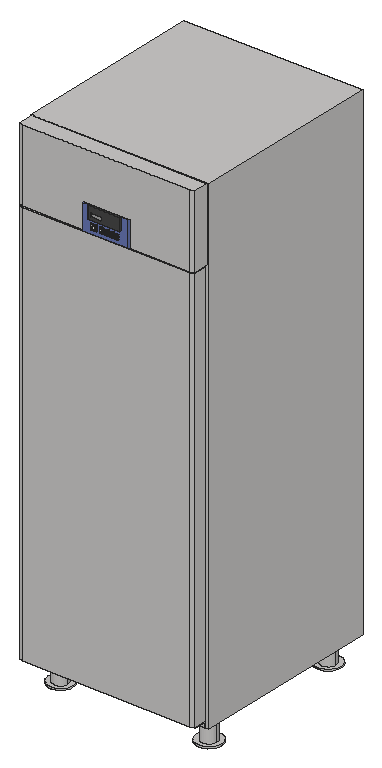
Revit family "QF_ELECTROLUXPROFESSIONAL_725192_TC671DH5M", category Specialty Equipment, Revit 2018
Family settings
  Round Connector Dimension = Use Diameter
  Part Type = Normal
  Work Plane-Based = No
  Always vertical = Yes
  Cut with Voids When Loaded = No
  Shared = No
  Room Calculation Point = No
Parameters (values of type "Standard")
  Weight = 149.00 kg
  Watts = 0 W
  Volts = 220 V
  URL Manufacturer = "http://professional.electrolux.com"
  URL = "http://professional.electrolux.com"
  Steam Supply Size = 0 mm
  Steam Supply Minimum Pressure = 0.0 Pa
  Steam Supply Maximum Pressure = 0.0 Pa
  Steam Pounds per Hour = 0
  Refrigeration Suction Line Size = 0 mm
  Refrigeration Liquid Line Size = 0 mm
  Refrigerant Compressor Remote = yes
  Manufacturer = "Electrolux Professional"
  Phase = 1
  Model = "TC671DH5M"
  Length Actual = 710 mm  # constant formula
  Item Number = "725192"
  Hot Water Size = 0 mm
  Height Actual = 2036 mm  # constant formula
  HP = "2.3 HP"
  Gas Size = 0 mm
  Gas KW = 0
  Gas Input Pressure = 0 W
  Direct Waste Size = 12.7 mm
  Description = "1-DOOR THAWING CABINET 670L, 10 POSITIONS - MARINE 50HZ  R290"
  Depth Actual = 835 mm  # constant formula
  Cycle = 50 Hz
  Condensate Return Size = 0 mm
  Compressed Air Volume = 0.0 L/s
  Compressed Air Size = 0 mm
  Compressed Air Pressure = 0.0 Pa
  Cold Water Size = 0 mm
  Accessory = yes
Reference planes
  plane 1 "Center (Front/Back)": y = 0
  plane 2: z = 0
  plane 3 "Center (Left/Right)": x = 0
  plane 4 "BASE": z = 96
  plane 5 "TOP": z = 2036
  plane 6 "FRONT": y = -417.5
  plane 7 "BACK": y = 417.5
  plane 8 "LEFT": x = -355
  plane 9 "RIGHT": x = 355
Forms (mm)
  Extrusion 1, solid, material "QF_Finishes_Stainless Steel"
    sketch origin (0, 0, 0) x (1, 0, 0) y (0, 1, 0)
      loop
        circle (-278, 344.5) r 50
      loop
        circle (278, 344.5) r 50
      loop
        circle (-295, -269.5) r 50
      loop
        circle (295, -269.5) r 50
    from 0 to 5
  Extrusion 2, solid, material "QF_Finishes_Stainless Steel"
    sketch origin (0, 0, 0) x (1, 0, 0) y (0, 1, 0)
      loop
        circle (-278, 344.5) r 30
      loop
        circle (278, 344.5) r 30
      loop
        circle (295, -269.5) r 30
      loop
        circle (-295, -269.5) r 30
    from 5 to 96
  Extrusion 3, solid, material "QF_Finishes_Stainless Steel"
    sketch origin (0, 0, 96) x (-1, 0, 0) y (0, -1, 0)
      loop
        line (355, -417.5) -> (355, 345.5) -> (-355, 345.5) -> (-355, -417.5) -> (355, -417.5)
    from 0 to 1940
  Extrusion 4, solid
    sketch origin (0, 417.5, 1715) x (-1, 0, 0) y (0, 0, 1)
      loop
        circle (339, 110) r 10
    from 0 to 3.2
  Extrusion 5, solid, material "QF_Door-Drawer Clearances", detail levels coarse
    sketch origin (0, 0, 96) x (-1, 0, 0) y (0, -1, 0)
      loop
        line (-345, 409.5) -> (-283, 409.5) -> (-283, 1006.5) -> (-301, 1006.5) -> (-301, 1024.5) -> (-323, 1024.5) -> (-323, 1062.5) -> (-345, 1062.5) -> (-345, 409.5)
    from 1642.965 to 28
  Extrusion 6, solid, material "QF_Door-Drawer Clearances", detail levels coarse
    sketch origin (0, 0, 96) x (-1, 0, 0) y (0, -1, 0)
      loop
        line (-283, 409.5) -> (347, 409.5)
        arc (347, 409.5) -> (150.684, 878.295) -> (-323, 1062.5) r 650
        line (-323, 1062.5) -> (-323, 1024.5) -> (-301, 1024.5) -> (-301, 1006.5) -> (-283, 1006.5) -> (-283, 409.5)
    from 1642.965 to 28
  Extrusion 7, solid, material "QF_Clearances", detail levels coarse
    sketch origin (0, 0, 96) x (-1, 0, 0) y (0, -1, 0)
      loop
        line (355, 417.5) -> (355, -417.5) -> (-355, -417.5) -> (-355, 417.5) -> (-455, 417.5) -> (-455, -517.5) -> (455, -517.5) -> (455, 417.5) -> (355, 417.5)
    from -96 to 1940
  Extrusion 8, solid, material "QF_Clearances", detail levels coarse
    sketch origin (0, 0, 2036) x (-1, 0, 0) y (0, -1, 0)
      loop
        line (455, -517.5) -> (455, 417.5) -> (-455, 417.5) -> (-455, -517.5) -> (455, -517.5)
    from 0 to 200
  Extrusion 9, void
    sketch origin (0, 417.5, 0) x (-1, 0, 0) y (0, 0, 1)
      loop
        line (280, 1625.965) -> (-280, 1625.965) -> (-280, 166) -> (0, 156) -> (280, 165.676) -> (280, 1625.965)
    from -56 to -763
Cuts and joins
  joined: Extrusion 7, Extrusion 8
  Extrusion 9 cuts Extrusion 3
Lines and regions (mm)
  symbolic lines, style "SpecialityEquipmentHiddenLines"
    curve 1: line (345, -409.5, 96) -> (345, -1062.5, 96)
    curve 2: line (345, -1062.5, 96) -> (323, -1062.5, 96)
    curve 3: line (283, -409.5, 96) -> (283, -1006.5, 96)
    curve 4: line (323, -1062.5, 96) -> (323, -1024.5, 96)
    curve 5: line (323, -1024.5, 96) -> (301, -1024.5, 96)
    curve 6: line (301, -1024.5, 96) -> (301, -1006.5, 96)
    curve 7: line (301, -1006.5, 96) -> (283, -1006.5, 96)
    curve 8: arc (-347, -409.5, 96) -> (-150.684, -878.295, 96) -> (323, -1062.5, 96) r 650
  symbolic lines, style "QF_Clearances", detail levels coarse
    curve 9: line (-355, -417.5, 2036) -> (-455, -417.5, 2036)
    curve 10: line (-455, -417.5, 2036) -> (-455, 517.5, 2036)
    curve 11: line (-455, 517.5, 2036) -> (455, 517.5, 2036)
    curve 12: line (455, 517.5, 2036) -> (455, -417.5, 2036)
    curve 13: line (455, -417.5, 2036) -> (355, -417.5, 2036)
  symbolic lines
    curve 14: line (355, 417.5, 2036) -> (-355, 417.5, 2036)
    curve 15: line (355, -345.5, 2036) -> (355, 417.5, 2036)
    curve 16: line (-355, -345.5, 2036) -> (355, -345.5, 2036)
    curve 17: line (-355, 417.5, 2036) -> (-355, -345.5, 2036)
Dimensions and locks
  equal spacing: plane 7 "BACK", plane 1 "Center (Front/Back)", plane 6 "FRONT"
  equal spacing: plane 8 "LEFT", plane 3 "Center (Left/Right)", plane 9 "RIGHT"
  plane 8 "LEFT" to plane 9 "RIGHT" = 710 mm
  plane 7 "BACK" to plane 6 "FRONT" = 835 mm
  plane 5 "TOP" to plane 2 = 2036 mm
  cut or joined group of Extrusion 7, Extrusion 8 to cut or joined group of Extrusion 7, Extrusion 8 = 200 mm
  Extrusion 5 to plane 7 "BACK" = 1480 mm
  aligned and locked: level to plane 2
Automatic sketch dimensions
  Extrusion 3 sketch curve to plane 7 "BACK" = 0 mm
  Extrusion 3 sketch curve to plane 9 "RIGHT" = 0 mm
  Extrusion 3 sketch curve to plane 8 "LEFT" = 0 mm
  plane 8 "LEFT" to Extrusion 4 sketch curve = 16 mm
  plane 4 "BASE" to Extrusion 4 sketch curve = 1729 mm
  plane 9 "RIGHT" to curve 1 = 10 mm
  curve 1 to curve 2 = 22 mm
  plane 6 "FRONT" to curve 8 = 4.692 mm
  curve 7 to plane 6 "FRONT" = 589 mm
  curve 6 to curve 5 = 18 mm
  curve 4 to curve 2 = 38 mm
  plane 6 "FRONT" to curve 8 = 8 mm
  plane 6 "FRONT" to curve 1 = 8 mm
  plane 6 "FRONT" to curve 3 = 8 mm
  plane 9 "RIGHT" to Extrusion 5 sketch curve = 10 mm
  Extrusion 5 sketch curve to plane 6 "FRONT" = 589 mm
  Extrusion 5 sketch curve to Extrusion 5 sketch curve = 18 mm
  Extrusion 5 sketch curve to Extrusion 5 sketch curve = 38 mm
  plane 6 "FRONT" to Extrusion 5 sketch curve = 8 mm
  plane 6 "FRONT" to Extrusion 6 sketch curve = 4.692 mm
  Extrusion 6 sketch curve to Extrusion 6 sketch curve = 18 mm  (x2)
  Extrusion 6 sketch curve to Extrusion 6 sketch curve = 38 mm
  plane 8 "LEFT" to Extrusion 6 sketch curve = 8 mm
  plane 6 "FRONT" to Extrusion 6 sketch curve = 8 mm
  Extrusion 7 sketch curve to plane 6 "FRONT" = 0 mm  (x2)
  Extrusion 7 sketch curve to plane 7 "BACK" = 0 mm
  Extrusion 7 sketch curve to plane 9 "RIGHT" = 0 mm
  Extrusion 7 sketch curve to plane 8 "LEFT" = 0 mm
  Extrusion 7 sketch curve to plane 9 "RIGHT" = 100 mm
  Extrusion 7 sketch curve to plane 8 "LEFT" = 100 mm
  plane 7 "BACK" to Extrusion 7 sketch curve = 100 mm
  Extrusion 8 sketch curve to plane 6 "FRONT" = 0 mm
  Extrusion 8 sketch curve to plane 9 "RIGHT" = 100 mm
  Extrusion 8 sketch curve to plane 8 "LEFT" = 100 mm
  plane 7 "BACK" to Extrusion 8 sketch curve = 100 mm
  plane 8 "LEFT" to Extrusion 1 sketch curve = 60 mm
  plane 8 "LEFT" to Extrusion 1 sketch curve = 77 mm
  plane 9 "RIGHT" to Extrusion 1 sketch curve = 77 mm
  plane 9 "RIGHT" to Extrusion 1 sketch curve = 60 mm
  plane 6 "FRONT" to Extrusion 1 sketch curve = 148 mm  (x2)
  Extrusion 1 sketch curve to plane 7 "BACK" = 73 mm  (x2)
  plane 8 "LEFT" to Extrusion 2 sketch curve = 60 mm
  plane 8 "LEFT" to Extrusion 2 sketch curve = 77 mm
  plane 9 "RIGHT" to Extrusion 2 sketch curve = 77 mm
  plane 9 "RIGHT" to Extrusion 2 sketch curve = 60 mm
  plane 6 "FRONT" to Extrusion 2 sketch curve = 148 mm  (x2)
  Extrusion 2 sketch curve to plane 7 "BACK" = 73 mm  (x2)
  plane 6 "FRONT" to Extrusion 3 sketch curve = 72 mm
  curve 1 to curve 8 = 42.008 mm
  curve 4 to curve 5 = 22 mm
  curve 6 to curve 3 = 18 mm
  plane 9 "RIGHT" to Extrusion 5 sketch curve = 32 mm
  Extrusion 5 sketch curve to Extrusion 5 sketch curve = 22 mm
  Extrusion 5 sketch curve to Extrusion 5 sketch curve = 62 mm
  plane 9 "RIGHT" to Extrusion 6 sketch curve = 72 mm
  Extrusion 6 sketch curve to Extrusion 6 sketch curve = 19.992 mm
  Extrusion 6 sketch curve to Extrusion 6 sketch curve = 22 mm
  Extrusion 9 sketch curve to plane 3 "Center (Left/Right)" = 0 mm
  plane 8 "LEFT" to Extrusion 9 sketch curve = 75 mm
  plane 4 "BASE" to Extrusion 9 sketch curve = 60 mm
  plane 4 "BASE" to Extrusion 9 sketch curve = 69.676 mm
  Extrusion 9 sketch curve to plane 5 "TOP" = 410.035 mm
  plane 9 "RIGHT" to Extrusion 9 sketch curve = 75 mm
  Extrusion 9 sketch curve to Extrusion 9 sketch curve = 0.324 mm
  curve 12 to plane 6 "FRONT" = 0 mm
  curve 15 to plane 7 "BACK" = 0 mm
  curve 15 to plane 9 "RIGHT" = 0 mm
  curve 13 to plane 9 "RIGHT" = 0 mm
  curve 17 to plane 8 "LEFT" = 0 mm
  curve 9 to plane 6 "FRONT" = 0 mm
  curve 9 to plane 8 "LEFT" = 0 mm
  curve 12 to plane 9 "RIGHT" = 100 mm
  curve 9 to curve 10 = 100 mm
  plane 7 "BACK" to curve 12 = 100 mm
  plane 6 "FRONT" to curve 15 = 72 mm
  radius of Extrusion 1 sketch curve = 50 mm  (x4)
  radius of Extrusion 2 sketch curve = 30 mm  (x4)
  radius of Extrusion 4 sketch curve = 10 mm
Nested families
  nested 1: "QF_725192_Door" at (0, -345.5, 954.365) x (1, 0, 0) z (0, -1, 0), type "QF_725192_Door"
    with Show Clearance yes
Connectors
  electrical at (-339, 420.7, 1825), driven by "Volts"
    settings: on Extrusion 4, index 2, voltage 220 V, apparent load 0 VA, apparent load phase1 0 VA, apparent load phase2 0 VA, apparent load phase3 0 VA, power factor 1, load classification "Other", number of poles 1, system type 30, power factor state 1, is connector primary yes, connector utility no, sub classification motor no, connector description "Electrical Connection"
Definition of nested family "QF_725192_Door"
  Parameters
    Show Clearance [instance] = yes
    Model = "725192"
    Default Elevation = 1219.2 mm
  Reference planes
    plane 1 "Center (Front/Back)": y = 0
    plane 2: z = 0
    plane 3 "Center (Left/Right)": x = 0
  Forms (mm)
    Extrusion 1, solid
      sketch origin (0, -919.2, 0) x (1, 0, 0) y (0, 1, 0)
        loop
          line (-460, 2119.2) -> (-460, -162.846) -> (488.967, -162.846) -> (488.967, 2119.2) -> (-460, 2119.2)
      from 0 to -59.546
    Extrusion 2, solid
      sketch origin (0, 0, 0) x (1, 0, 0) y (0, 0, 1)
        loop
          line (-347, 60) -> (-347, 0) -> (347, 0) -> (347, 60) -> (332, 64) -> (-332, 64) -> (-347, 60)
      from -1081.6 to -791.6
    Extrusion 3, solid
      sketch origin (0, 0, 0) x (1, 0, 0) y (0, 0, 1)
        loop
          line (-347, 60) -> (-347, 26) -> (-325, 26) -> (-325, 8) -> (-307, 8) -> (-307, 0) -> (339, 0) -> (339, 8) -> (347, 8) -> (347, 60) -> (332, 64) -> (-332, 64) -> (-347, 60)
      from -784.6 to 830.4
    Extrusion 4, solid
      sketch origin (119, -516.365, 0) x (0, 1, 0) y (0, 0, 1)
        loop
          line (-323.003, 40.312) -> (-316.501, 40.312) -> (-316.501, 42.812) -> (-325.503, 42.812) -> (-325.503, 2.5) -> (-342, 2.5) -> (-342, 0) -> (-323.003, 0) -> (-323.003, 12.259) -> (-323.003, 40.312)
        loop
          line (-314, 38.311) -> (-316.501, 38.311) -> (-316.501, 14.304) -> (-319.752, 14.304) -> (-319.752, 11.804) -> (-314, 11.804) -> (-314, 38.311)
      from 185 to 220
    Extrusion 5, solid
      sketch origin (119, 469.597, 0) x (0, 1, 0) y (0, 0, 1)
        loop
          line (315.003, 27.948) -> (315.003, 2.948) -> (315.003, 0) -> (322.003, 0) -> (322.003, 2.5) -> (317.503, 2.5) -> (317.503, 27.948) -> (315.003, 27.948)
      from 185 to 220
  Lines and regions (mm)
    symbolic lines
      curve 1: line (-332, 0, 64) -> (332, 0, 64)
      curve 2: line (-347, 0, 0) -> (-347, 0, 60)
      curve 3: line (347, 0, 0) -> (-347, 0, 0)
      curve 4: line (347, 0, 60) -> (347, 0, 0)
      curve 5: line (-347, 0, 26) -> (-325, 0, 26)
      curve 6: line (-325, 0, 26) -> (-325, 0, 8)
      curve 7: line (-325, 0, 8) -> (-307, 0, 8)
      curve 8: line (-307, 0, 8) -> (-307, 0, 0)
      curve 9: line (339, 0, 8) -> (347, 0, 8)
      curve 10: line (339, 0, 8) -> (339, 0, 0)
      curve 11: line (-332, 0, 64) -> (-347, 0, 60)
      curve 12: line (332, 0, 64) -> (347, 0, 60)
  Dimensions and locks
    aligned and locked: plane 2 to Extrusion 1
    aligned and locked: level to Extrusion 1
  Nested families
    nested 1: "QF_DisplayCabinets180x100" at (0, 841.6, 64), type "QF_DisplayCabinets180x100"
      with Show Clearance yes
  Definition of nested family "QF_DisplayCabinets180x100"
    Parameters
      Show Clearance [instance] = yes
      Model = ""
      Default Elevation = 0 mm
    Reference planes
      plane 1 "Center (Front/Back)": y = 0
      plane 2: z = 0
      plane 3 "Center (Left/Right)": x = 0
    Forms (mm)
      Extrusion 1, solid
        sketch origin (0, -919.2, 0) x (1, 0, 0) y (0, 1, 0)
          loop
            line (-198.75, 1146.2) -> (-198.75, 709.567) -> (165.741, 709.567) -> (165.741, 1146.2) -> (-198.75, 1146.2)
        from 0 to -59.546
      Extrusion 2, solid
        sketch origin (0, 0, 0) x (1, 0, 0) y (0, 1, 0)
          loop
            line (-90, 50) -> (-90, -50) -> (90, -50) -> (90, 50) -> (60, 50) -> (60, 0) -> (-70, 0) -> (-70, 50) -> (-90, 50)
        from 5.4 to 0
      Extrusion 3, solid
        sketch origin (0, -30, 0) x (1, 0, 0) y (0, 1, 0)
          loop
            line (-70, 80) -> (-70, 30) -> (60, 30) -> (60, 80) -> (-70, 80)
          loop
            line (-56.633, 56.452) -> (-56.633, 39.793) -> (-11.633, 39.793) -> (-11.633, 56.452) -> (-56.633, 56.452)
        from 0 to 8
      Extrusion 4, solid
        sketch origin (0, 0, 0) x (1, 0, 0) y (0, 1, 0)
          loop
            line (-56.633, 26.452) -> (-56.633, 9.793) -> (-11.633, 9.793) -> (-11.633, 26.452) -> (-56.633, 26.452)
        from 0 to 7
      Extrusion 5, solid
        sketch origin (0, 0, 0) x (1, 0, 0) y (0, 1, 0)
          loop
            line (-43.063, -13.359) -> (-43.063, -33.154)
            arc (-43.063, -33.154) -> (-35.746, -23.257) -> (-43.063, -13.359) r 10.352
          loop
            arc (-44.07, -13.359) -> (-52.302, -15.23) -> (-56.268, -22.683) r 10.145
            line (-56.268, -22.683) -> (-52.994, -22.683)
            arc (-52.994, -22.683) -> (-47.143, -20.308) -> (-44.07, -14.793) r 9.509
            line (-44.07, -14.793) -> (-44.07, -13.359)
          loop
            arc (-44.07, -31.721) -> (-47.143, -26.205) -> (-52.994, -23.831) r 9.509
            line (-52.994, -23.831) -> (-56.268, -23.831)
            arc (-56.268, -23.831) -> (-52.309, -31.345) -> (-44.07, -33.408) r 10.411
            line (-44.07, -33.408) -> (-44.07, -31.721)
          loop
            line (-57.02, -12.279) -> (-57.02, -34.279) -> (-34.99, -34.279) -> (-34.99, -12.279) -> (-57.02, -12.279)
        from 5.4 to 7
      Extrusion 6, solid
        sketch origin (0, 0, 0) x (1, 0, 0) y (0, 1, 0)
          loop
            line (-15.272, -12.492) -> (-22.708, -12.492) -> (-22.708, -21.151)
            arc (-22.708, -21.151) -> (-21.729, -23.514) -> (-19.367, -24.492) r 3.341
            line (-19.367, -24.492) -> (-15.128, -24.492) -> (-15.128, -22.55) -> (-18.883, -22.55)
            arc (-18.883, -22.55) -> (-20.117, -22.133) -> (-20.642, -20.941) r 1.615
            line (-20.642, -20.941) -> (-20.642, -19.224) -> (-15.593, -19.224) -> (-15.593, -17.274) -> (-20.642, -17.274) -> (-20.642, -14.436) -> (-15.272, -14.436) -> (-15.272, -12.492)
          loop
            line (-13.66, -12.492) -> (-13.66, -24.492) -> (-11.593, -24.492) -> (-11.593, -12.492) -> (-13.66, -12.492)
          loop
            line (31.232, -12.492) -> (31.232, -24.492) -> (33.3, -24.492) -> (33.3, -12.492) -> (31.232, -12.492)
          loop
            line (-8.175, -20.66) -> (-1.392, -20.66)
            arc (-1.392, -20.66) -> (-2.453, -16.934) -> (-6.081, -15.575) r 4.298
            arc (-6.081, -15.575) -> (-9.277, -17.196) -> (-10.188, -20.66) r 4.373
            arc (-10.188, -20.66) -> (-8.988, -23.558) -> (-6.091, -24.758) r 4.097
            arc (-6.091, -24.758) -> (-3.837, -24.425) -> (-1.946, -23.152) r 5.15
            line (-1.946, -23.152) -> (-3.171, -21.928)
            arc (-3.171, -21.928) -> (-4.778, -22.892) -> (-6.645, -22.73) r 3.039
            arc (-6.645, -22.73) -> (-7.784, -21.972) -> (-8.175, -20.66) r 2.013
          loop
            line (-8.123, -19.207) -> (-3.469, -19.207)
            arc (-3.469, -19.207) -> (-4.122, -17.833) -> (-5.557, -17.326) r 1.983
            arc (-5.557, -17.326) -> (-7.213, -17.758) -> (-8.123, -19.207) r 2.321
          loop
            line (6.665, -18.342) -> (7.963, -17.044)
            arc (7.963, -17.044) -> (6.336, -15.866) -> (4.358, -15.514) r 4.497
            arc (4.358, -15.514) -> (1.341, -16.616) -> (-0.242, -19.411) r 4.652
            arc (-0.242, -19.411) -> (2.426, -24.31) -> (7.89, -23.18) r 4.684
            line (7.89, -23.18) -> (6.599, -21.89)
            arc (6.599, -21.89) -> (3.813, -22.811) -> (1.817, -20.66) r 2.714
            arc (1.817, -20.66) -> (1.956, -18.959) -> (3.127, -17.718) r 2.578
            arc (3.127, -17.718) -> (5.002, -17.432) -> (6.665, -18.342) r 2.961
          loop
            line (9.233, -12.492) -> (9.233, -20.693)
            arc (9.233, -20.693) -> (9.411, -21.923) -> (9.872, -23.078) r 5.301
            arc (9.872, -23.078) -> (11.347, -24.251) -> (13.216, -24.498) r 3.531
            line (13.216, -24.498) -> (13.216, -22.561)
            arc (13.216, -22.561) -> (12.66, -22.519) -> (12.142, -22.313) r 1.862
            arc (12.142, -22.313) -> (11.478, -21.611) -> (11.3, -20.66) r 1.713
            line (11.3, -20.66) -> (11.3, -17.691) -> (13.177, -17.691) -> (13.177, -15.813) -> (11.3, -15.813) -> (11.3, -12.492) -> (9.233, -12.492)
          loop
            arc (16.966, -19.93) -> (17.114, -19.065) -> (17.54, -18.298) r 2.607
            arc (17.54, -18.298) -> (18.779, -17.662) -> (20.17, -17.691) r 2.84
            line (20.17, -17.691) -> (20.17, -15.704)
            arc (20.17, -15.704) -> (18.352, -15.876) -> (16.966, -17.064) r 3.016
            line (16.966, -17.064) -> (16.966, -15.813) -> (14.916, -15.813) -> (14.916, -24.492) -> (16.966, -24.492) -> (16.966, -19.93)
          loop
            circle (25.224, -20.154) r 4.599
          loop
            circle (25.224, -20.154) r 2.787
          loop
            arc (40.755, -20.878) -> (40.245, -22.281) -> (38.861, -22.84) r 1.835
            arc (38.861, -22.84) -> (37.476, -22.281) -> (36.966, -20.878) r 1.835
            line (36.966, -20.878) -> (36.966, -15.813) -> (34.881, -15.813) -> (34.881, -21.05)
            arc (34.881, -21.05) -> (36.067, -23.754) -> (38.861, -24.712) r 3.675
            arc (38.861, -24.712) -> (41.685, -23.725) -> (42.839, -20.965) r 3.675
            line (42.839, -20.965) -> (42.839, -15.813) -> (40.755, -15.813) -> (40.755, -20.878)
          loop
            line (44.088, -15.813) -> (47.09, -19.889) -> (43.792, -24.495) -> (46.014, -24.495) -> (48.203, -21.438) -> (50.424, -24.495) -> (52.632, -24.495) -> (49.381, -19.842) -> (52.354, -15.813) -> (50.097, -15.813) -> (48.196, -18.39) -> (46.324, -15.813) -> (44.088, -15.813)
          loop
            line (-21.545, -29.467) -> (-23.194, -29.467) -> (-23.194, -33.617) -> (-22.292, -33.617) -> (-22.292, -32.188) -> (-21.295, -32.188)
            arc (-21.295, -32.188) -> (-20.179, -30.713) -> (-21.545, -29.467) r 1.372
          loop
            arc (-21.334, -31.373) -> (-20.993, -30.839) -> (-21.334, -30.306) r 0.587
            line (-21.334, -30.306) -> (-22.292, -30.306) -> (-22.292, -31.373) -> (-21.334, -31.373)
          loop
            line (-15.033, -29.467) -> (-16.71, -29.467) -> (-16.71, -33.617) -> (-15.808, -33.617) -> (-15.808, -32.188) -> (-14.935, -32.188) -> (-14.339, -33.617) -> (-13.37, -33.617) -> (-14.186, -31.867)
            arc (-14.186, -31.867) -> (-13.795, -31.4) -> (-13.664, -30.805) r 1.281
            arc (-13.664, -30.805) -> (-14.076, -29.857) -> (-15.033, -29.467) r 1.37
          loop
            line (-15.808, -30.306) -> (-15.808, -31.373) -> (-14.85, -31.373)
            arc (-14.85, -31.373) -> (-14.509, -30.839) -> (-14.85, -30.306) r 0.587
            line (-14.85, -30.306) -> (-15.808, -30.306)
          loop
            circle (-8.072, -31.542) r 2.156
          loop
            circle (-8.072, -31.542) r 1.368
          loop
            line (-2.373, -29.467) -> (-2.373, -33.617) -> (-1.493, -33.617) -> (-1.493, -32.167) -> (0.069, -32.167) -> (0.069, -31.237) -> (-1.493, -31.237) -> (-1.493, -30.361) -> (0.219, -30.361) -> (0.219, -29.467) -> (-2.373, -29.467)
          loop
            line (3.719, -29.467) -> (3.719, -32.269)
            arc (3.719, -32.269) -> (4.101, -33.219) -> (5.046, -33.614) r 1.327
            line (5.046, -33.614) -> (6.385, -33.614) -> (6.385, -32.83) -> (5.126, -32.83)
            arc (5.126, -32.83) -> (4.662, -32.447) -> (4.571, -31.852) r 0.845
            line (4.571, -31.852) -> (6.23, -31.852) -> (6.23, -31.068) -> (4.571, -31.068) -> (4.571, -30.251) -> (6.345, -30.251) -> (6.345, -29.467) -> (3.719, -29.467)
          loop
            arc (18.747, -29.993) -> (18.197, -29.542) -> (17.501, -29.398) r 1.485
            arc (17.501, -29.398) -> (16.858, -29.556) -> (16.329, -29.955) r 1.645
            arc (16.329, -29.955) -> (16.232, -30.897) -> (16.84, -31.624) r 1.217
            arc (16.84, -31.624) -> (17.351, -31.794) -> (17.836, -32.029) r 4.201
            arc (17.836, -32.029) -> (18.142, -32.39) -> (17.931, -32.814) r 0.43
            arc (17.931, -32.814) -> (17.539, -32.906) -> (17.149, -32.807) r 0.846
            arc (17.149, -32.807) -> (16.811, -32.564) -> (16.605, -32.203) r 0.983
            line (16.605, -32.203) -> (15.879, -32.542)
            arc (15.879, -32.542) -> (16.14, -33.046) -> (16.562, -33.427) r 1.595
            arc (16.562, -33.427) -> (17.04, -33.631) -> (17.557, -33.683) r 1.719
            arc (17.557, -33.683) -> (18.196, -33.556) -> (18.772, -33.25) r 2.246
            arc (18.772, -33.25) -> (19.027, -32.573) -> (18.896, -31.863) r 1.349
            arc (18.896, -31.863) -> (18.612, -31.535) -> (18.249, -31.298) r 1.564
            arc (18.249, -31.298) -> (17.79, -31.093) -> (17.32, -30.917) r 8.236
            arc (17.32, -30.917) -> (17.048, -30.494) -> (17.441, -30.181) r 0.375
            arc (17.441, -30.181) -> (17.911, -30.294) -> (18.273, -30.616) r 0.998
            line (18.273, -30.616) -> (18.747, -29.993)
          loop
            line (22.554, -29.467) -> (22.554, -33.614) -> (23.407, -33.614) -> (23.407, -29.467) -> (22.554, -29.467)
          loop
            circle (29.157, -31.541) r 1.29
          loop
            circle (29.157, -31.541) r 2.154
          loop
            line (34.878, -33.614) -> (35.739, -33.614) -> (35.739, -31.007) -> (37.636, -33.614) -> (38.465, -33.614) -> (38.465, -29.467) -> (37.604, -29.467) -> (37.604, -32.154) -> (35.707, -29.467) -> (34.878, -29.467) -> (34.878, -33.614)
          loop
            line (42.765, -33.614) -> (43.169, -32.72) -> (44.703, -32.72) -> (45.106, -33.614) -> (46.023, -33.614) -> (44.271, -29.467) -> (43.471, -29.467) -> (41.849, -33.614) -> (42.765, -33.614)
          loop
            line (44.32, -31.869) -> (43.909, -30.958) -> (43.51, -31.869) -> (44.32, -31.869)
          loop
            line (50.258, -32.83) -> (50.258, -29.467) -> (49.406, -29.467) -> (49.406, -33.614) -> (51.853, -33.614) -> (51.853, -32.83) -> (50.258, -32.83)
          loop
            arc (12.529, -29.993) -> (11.98, -29.542) -> (11.284, -29.398) r 1.485
            arc (11.284, -29.398) -> (10.641, -29.556) -> (10.112, -29.955) r 1.645
            arc (10.112, -29.955) -> (10.014, -30.897) -> (10.622, -31.624) r 1.217
            arc (10.622, -31.624) -> (11.133, -31.794) -> (11.618, -32.029) r 4.201
            arc (11.618, -32.029) -> (11.925, -32.39) -> (11.714, -32.814) r 0.43
            arc (11.714, -32.814) -> (11.322, -32.906) -> (10.931, -32.807) r 0.846
            arc (10.931, -32.807) -> (10.594, -32.564) -> (10.387, -32.203) r 0.983
            line (10.387, -32.203) -> (9.662, -32.542)
            arc (9.662, -32.542) -> (9.923, -33.046) -> (10.345, -33.427) r 1.595
            arc (10.345, -33.427) -> (10.823, -33.631) -> (11.34, -33.683) r 1.719
            arc (11.34, -33.683) -> (11.979, -33.556) -> (12.555, -33.25) r 2.246
            arc (12.555, -33.25) -> (12.809, -32.573) -> (12.678, -31.863) r 1.349
            arc (12.678, -31.863) -> (12.394, -31.535) -> (12.031, -31.298) r 1.564
            arc (12.031, -31.298) -> (11.573, -31.093) -> (11.102, -30.917) r 8.236
            arc (11.102, -30.917) -> (10.83, -30.494) -> (11.223, -30.181) r 0.375
            arc (11.223, -30.181) -> (11.694, -30.294) -> (12.056, -30.616) r 0.998
            line (12.056, -30.616) -> (12.529, -29.993)
        from 5.4 to 7
    Lines and regions (mm)
      symbolic lines
        curve 1: line (52.518, 0, 4) -> (-53.037, 0, 4)
        curve 2: line (40, 0, 4) -> (40, 0, 8)
        curve 3: line (40, 0, 8) -> (-40, 0, 8)
        curve 4: line (-40, 0, 8) -> (-40, 0, 4)
        curve 5: line (-64.765, 0, 0) -> (-53.037, 0, 4)
        curve 6: line (52.518, 0, 4) -> (64.135, 0, 0)
    Dimensions and locks
      aligned and locked: plane 2 to Extrusion 1
      aligned and locked: level to Extrusion 1
